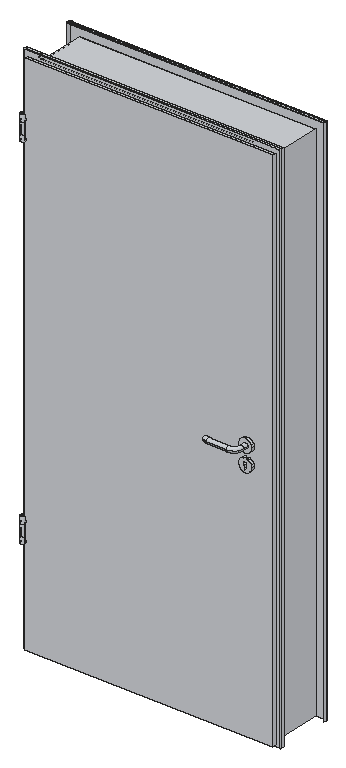
Revit family "BOS-Umfassungszarge-15ZBud_Familie", category Türen, Revit 2017 (continued)
Definition of nested family "BOS-Band-VX_Modell"
  Automatic sketch dimensions
    Extrusion 11 sketch curve to plane 1 = 1.171 mm
    Extrusion 11 sketch curve to Extrusion 11 sketch curve = 6.421 mm
    plane 1 to Extrusion 11 sketch curve = 7.193 mm
    Extrusion 11 sketch curve to Extrusion 11 sketch curve = 0.526 mm
    Extrusion 11 sketch curve to Extrusion 11 sketch curve = 0.553 mm
    Extrusion 11 sketch curve to plane 1 = 0.901 mm
    plane 1 to Extrusion 11 sketch curve = 10.603 mm
    Extrusion 11 sketch curve to Extrusion 11 sketch curve = 3.5 mm
    Extrusion 11 sketch curve to Extrusion 11 sketch curve = 0.158 mm
    Extrusion 11 sketch curve to Extrusion 11 sketch curve = 1.739 mm
    plane 1 to Extrusion 11 sketch curve = 4.695 mm
    Extrusion 12 sketch curve to Extrusion 12 sketch curve = 0 mm  (x6)
    curve 1 to Extrusion 12 sketch curve = 0 mm  (x2)
    curve 1 to Extrusion 12 sketch curve = 46.34 mm
    Extrusion 12 sketch curve to Extrusion 12 sketch curve = 3.031 mm  (x2)
    Extrusion 12 sketch curve to Extrusion 12 sketch curve = 5.75 mm
    Extrusion 12 sketch curve to Extrusion 12 sketch curve = 1.346 mm
    Extrusion 12 sketch curve to Extrusion 12 sketch curve = 0.548 mm
    Extrusion 12 sketch curve to Extrusion 12 sketch curve = 1.017 mm
    Extrusion 12 sketch curve to Extrusion 12 sketch curve = 3.25 mm
    Extrusion 12 sketch curve to Extrusion 12 sketch curve = 1.75 mm
    Extrusion 13 sketch curve to Extrusion 13 sketch curve = 0 mm  (x6)
    curve 1 to Extrusion 13 sketch curve = 0 mm  (x2)
    curve 1 to Extrusion 13 sketch curve = 46.34 mm
    Extrusion 13 sketch curve to Extrusion 13 sketch curve = 3.031 mm  (x2)
    Extrusion 13 sketch curve to Extrusion 13 sketch curve = 5.75 mm
    Extrusion 13 sketch curve to Extrusion 13 sketch curve = 1.346 mm
    Extrusion 13 sketch curve to Extrusion 13 sketch curve = 0.548 mm
    Extrusion 13 sketch curve to Extrusion 13 sketch curve = 1.017 mm
    Extrusion 13 sketch curve to Extrusion 13 sketch curve = 3.25 mm
    Extrusion 13 sketch curve to Extrusion 13 sketch curve = 1.75 mm
    radius of Sweep 1 sketch curve = 6.5 mm
Definition of nested family "BOS-BOS_Modell"
  Parameters (values of type "BOS-BOS_Modell")
    Abstand = 22 mm
  Reference planes
    plane 1 "Mitte (Vorne/hinten)": y = 0
    plane 2: z = 0
    plane 3 "Mitte (Links/rechts)": x = 0
    plane 4 "BOS": x = -22
  Dimensions and locks
    "Abstand": plane 4 "BOS" to plane 3 "Mitte (Links/rechts)"
    aligned and locked: level to plane 2
    aligned and locked: plane 1 "Mitte (Vorne/hinten)" to text3d elem
    aligned and locked: text3d elem to level
Definition of nested family "BOS-Druckfeste-Unterfütterung-bauseits_Detail"
  Parameters (values of type "BOS-Druckfeste-Unterfütterung-bauseits_Detail")
    Unterfütterungsstärke = 12 mm
    Unterfütterungabstand vorne = 30 mm
    Unterfütterungabstand hinten = 30 mm
    URL = "www.BestOfSteel.de"
    Rechtliche Hinweise = "www.BestOfSteel.de/tools-downloads/bim-building-information-modeling/"
    Putzwinkel vorne = 0 mm
    Putzwinkel hinten = 0 mm
    MW Maulweite = 200 mm
    BOS-Architekten-Beratung = "Tel.: +49 (0) 2572 203-203; E-Mail: architekten@BestOfSteel.de"
    Technische Infos rund um die Stahlzarge = "www.BestOfSteel.de/tools-downloads/technische-infos-rund-um-die-stahlzarge/"
    Manufacturer = "BOS GmbH Best Of Steel, Lütkenfelde 4, D-48282 Emsdetten"
    Description = "Druckfeste Unterfütterung (bauseits)"
    Keynote = "BOS Detail"
  Reference planes
    plane 1: y = 0
    plane 2: z = 0
    plane 3: x = 0
    plane 4: y = 200
    plane 5: x = 12
    plane 6: y = 0
    plane 7: y = 200
    plane 8: y = 170
    plane 9: y = 30
    plane 10: y = 100
  Lines and regions (mm)
    detail lines, in view "Ref.-Ebene"
      curve 1: line (0, 30, 0) -> (12, 30, 0)
      curve 2: line (12, 30, 0) -> (12, 170, 0)
      curve 3: line (12, 170, 0) -> (0, 170, 0)
      curve 4: line (0, 170, 0) -> (0, 30, 0)
      curve 5: line (0, 30, 0) -> (12, 170, 0)
      curve 6: line (12, 30, 0) -> (0, 170, 0)
  Dimensions and locks
    "MW Maulweite": plane 4 to plane 1
    "Putzwinkel vorne": plane 1 to plane 6
    "Putzwinkel hinten": plane 7 to plane 4
    "Unterfütterungabstand vorne": plane 9 to plane 6
    "Unterfütterungabstand hinten": plane 7 to plane 8
    "Unterfütterungsstärke": plane 3 to plane 5
    equal spacing: plane 4, plane 10, plane 1
  Automatic sketch dimensions
    curve 1 to plane 3 = 0 mm
    curve 6 to plane 5 = 0 mm
    curve 6 to plane 9 = 0 mm
    curve 3 to plane 8 = 0 mm
Definition of nested family "BOS-Nivellieranker_Detail"
  Parameters (values of type "BOS-Nivellieranker_Detail")
    Unterfütterungsstärke = 0 mm
    URL = "www.BestOfSteel.de"
    Stumpf-Gefälzt = if(Gefälzt, 28 mm, 46 mm)  # 28 mm
    Stumpf = no
    Schraubenabstand vorne = 17 mm
    Schraubenabstand hinten = 21 mm
    Rechtliche Hinweise = "www.BestOfSteel.de/tools-downloads/bim-building-information-modeling/"
    Putzwinkel vorne = 15 mm
    Nivellierankerlänge = if(GT Gesamttiefe > 119 mm, 80 mm + (Ankergröße * 25 mm), 87 mm)  # 205 mm
    MW Maulweite = 200 mm
    Manufacturer = "BOS GmbH Best Of Steel, Lütkenfelde 4, D-48282 Emsdetten"
    Gefälzt = yes
    GT Gesamttiefe = 230 mm
    Falzaufschlag gesamt = 15 mm
    Einfügepunkt = 22 mm
    Blechstärke = 1.5 mm
    Description = "Nivellieranker"
    Keynote = "BOS Detail"
    BOS-Architekten-Beratung = "Tel.: +49 (0) 2572 203-203; E-Mail: architekten@BestOfSteel.de\r\nTel.: +49 (0) 2572 203-203, Fax -209; E-Mail: architekten@BestOfSteel.de\r\nTel.: +49 (0) 2572 203-203, Fax -209; E-Mail: architekten@BestOfSteel.de"
    Ankergröße = rounddown((GT Gesamttiefe - 95 mm) / 25 mm)  # 5
    Technische Infos rund um die Stahlzarge = "www.BestOfSteel.de/tools-downloads/technische-infos-rund-um-die-stahlzarge/"
    Abstand vorne = 0 mm
    Abstand hinten = 0 mm
  Reference planes
    plane 1: z = 0
    plane 2: x = 0
    plane 3: x = 35.5
    plane 4: y = 193.247
    plane 5: y = 3.247
    plane 6: y = 16.747
    plane 7: y = 216.747
    plane 8: x = 20.5
    plane 9: y = 1.747
    plane 10: x = 37
    plane 11: x = 22
    plane 12: y = 48.247
    plane 13: y = 187.247
    plane 14: y = 208.247
    plane 15: y = 3.247
    plane 16: x = 8.5
    plane 17: y = 31.247
    plane 18: x = 2
    plane 19: y = 52.247
    plane 20: y = 44.247
    plane 21: y = 183.247
    plane 22: y = 191.247
    plane 23: x = 33.5
    plane 24: x = 0
    plane 25: y = 109.247
  Lines and regions (mm)
    detail lines, in view "Ref.-Ebene", not visible
      curve 1: arc (191, 231, 0) -> (192, 230, 0) -> (193, 231, 0) r 1
      curve 2: arc (193, 244, 0) -> (192, 245, 0) -> (191, 244, 0) r 1
      curve 3: line (193, 231, 0) -> (193, 244, 0)
      curve 4: line (191, 244, 0) -> (191, 231, 0)
      curve 11: line (234.876, 339.411, 0) -> (233.447, 342.424, 0)
      curve 12: line (233.447, 342.424, 0) -> (235.255, 343.281, 0)
      curve 13: line (235.255, 343.281, 0) -> (236.876, 339.862, 0)
      curve 14: line (236.876, 327.281, 0) -> (238.976, 327.281, 0)
      curve 15: line (238.976, 327.281, 0) -> (238.976, 328.281, 0)
      curve 16: line (236.876, 343.285, 0) -> (236.876, 327.281, 0)
    reference lines, in view "Ref.-Ebene", not visible
      curve 5: line (187.644, 237.5, 0) -> (197.644, 237.5, 0)
      curve 30: line (234.876, 339.411, 0) -> (234.876, 327.411, 0)
      curve 31: line (236.876, 343.285, 0) -> (241.876, 343.285, 0)
    detail lines, in view "Ref.-Ebene"
      curve 6: arc (0, 180.747, 0) -> (1, 179.747, 0) -> (2, 180.747, 0) r 1
      curve 7: arc (2, 193.747, 0) -> (1, 194.747, 0) -> (0, 193.747, 0) r 1
      curve 8: line (2, 180.747, 0) -> (2, 193.747, 0)
      curve 9: line (0, 193.747, 0) -> (0, 180.747, 0)
      curve 17: arc (0, 41.747, 0) -> (1, 40.747, 0) -> (2, 41.747, 0) r 1
      curve 18: arc (2, 54.747, 0) -> (1, 55.747, 0) -> (0, 54.747, 0) r 1
      curve 19: line (2, 41.747, 0) -> (2, 54.747, 0)
      curve 20: line (0, 54.747, 0) -> (0, 41.747, 0)
      curve 22: line (8.5, 204.373, 0) -> (7.072, 207.386, 0)
      curve 23: line (7.072, 207.386, 0) -> (8.879, 208.243, 0)
      curve 24: line (8.879, 208.243, 0) -> (10.5, 204.823, 0)
      curve 25: line (10.5, 192.243, 0) -> (12.6, 192.243, 0)
      curve 26: line (12.6, 192.243, 0) -> (12.6, 193.243, 0)
      curve 27: line (10.5, 208.247, 0) -> (10.5, 192.243, 0)
      curve 32: line (2, 191.247, 0) -> (8.5, 191.247, 0)
      curve 33: line (2, 183.247, 0) -> (8.5, 183.247, 0)
      curve 34: line (8.5, 52.247, 0) -> (2, 52.247, 0)
      curve 35: line (2, 44.247, 0) -> (8.5, 44.247, 0)
      curve 36: arc (18.158, 31.008, 0) -> (17.681, 31.374, 0) -> (17.5, 31.947, 0) r 1
      curve 37: arc (17.474, 29.128, 0) -> (16.043, 30.227, 0) -> (15.5, 31.947, 0) r 3
      curve 38: arc (18.526, 30.874, 0) -> (19.957, 29.775, 0) -> (20.5, 28.055, 0) r 3
      curve 39: arc (17.842, 28.994, 0) -> (18.319, 28.628, 0) -> (18.5, 28.055, 0) r 1
      curve 40: line (17.5, 31.947, 0) -> (17.5, 193.247, 0)
      curve 41: line (20.5, 28.055, 0) -> (20.5, 5.247, 0)
      curve 42: line (20.5, 5.247, 0) -> (10.5, 5.247, 0)
      curve 43: line (10.5, 5.247, 0) -> (10.5, 3.247, 0)
      curve 44: line (10.5, 3.247, 0) -> (8.5, 3.247, 0)
      curve 45: line (8.5, 3.247, 0) -> (8.5, 204.377, 0)
      curve 46: line (15.5, 193.247, 0) -> (15.5, 31.947, 0)
      curve 47: line (18.5, 5.247, 0) -> (18.5, 28.055, 0)
      curve 48: line (18.526, 30.874, 0) -> (18.158, 31.008, 0)
      curve 49: line (17.842, 28.994, 0) -> (17.474, 29.128, 0)
      curve 50: line (10.5, 208.247, 0) -> (35.5, 208.247, 0)
      curve 51: line (35.5, 193.247, 0) -> (10.5, 193.247, 0)
      curve 52: line (35.5, 208.247, 0) -> (35.5, 193.247, 0)
      curve 53: line (33.5, 193.247, 0) -> (33.5, 208.247, 0)
    reference lines, in view "Ref.-Ebene"
      curve 10: line (-3.356, 187.247, 0) -> (6.644, 187.247, 0)
      curve 21: line (-3.356, 48.247, 0) -> (6.644, 48.247, 0)
      curve 28: line (8.5, 204.373, 0) -> (8.5, 192.373, 0)
      curve 29: line (10.5, 208.247, 0) -> (15.5, 208.247, 0)
  Dimensions and locks
    "Blechstärke": plane 5 to plane 9
    "Putzwinkel vorne": plane 6 to plane 9
    "Blechstärke": plane 8 to plane 11
    "Einfügepunkt": plane 2 to plane 11
    "Blechstärke": plane 3 to plane 10
    "Falzaufschlag gesamt": plane 11 to plane 10
    locked: plane 4 to plane 14 at 15
    "Abstand vorne": plane 15 to plane 5
    plane 16 to plane 8 = 12 mm
    "Stumpf-Gefälzt": plane 17 to plane 15
    plane 19 to plane 20 = 8 mm
    locked: plane 21 to plane 22 at 8
    equal spacing: plane 19, plane 12, plane 20
    equal spacing: plane 21, plane 13, plane 22
    plane 23 to plane 3 = 2 mm
    "Schraubenabstand hinten": plane 14 to plane 13
    "Nivellierankerlänge": plane 14 to plane 15
    "Schraubenabstand vorne": plane 12 to plane 17
    plane 24 to plane 18 = 2 mm
    "Unterfütterungsstärke": plane 2 to plane 24
    equal spacing: plane 9, plane 25, plane 7
    "MW Maulweite": plane 6 to plane 7
    aligned and locked: curve 21 to plane 12
    aligned and locked: curve 10 to plane 13
    aligned and locked: plane 16 to curve 28
    aligned and locked: curve 29 to plane 14
    aligned and locked: plane 24 to curve 20
    aligned and locked: plane 24 to curve 9
  Automatic sketch dimensions
    curve 1 to curve 1 = 1 mm
    curve 1 to curve 3 = 13 mm
    curve 5 to curve 5 = 10 mm
    curve 6 to curve 6 = 1 mm
    curve 6 to curve 8 = 13 mm
    curve 10 to curve 10 = 10 mm
    curve 17 to curve 17 = 1 mm
    curve 17 to curve 19 = 13 mm
    curve 21 to curve 21 = 10 mm
    curve 22 to curve 23 = 1.807 mm
    curve 22 to curve 27 = 3.428 mm
    curve 25 to curve 26 = 2.1 mm
    curve 25 to curve 23 = 15.143 mm
    curve 22 to curve 23 = 0.857 mm
    curve 22 to curve 24 = 2 mm
    curve 25 to curve 26 = 1 mm
    curve 23 to curve 27 = 0.004 mm
    curve 11 to curve 12 = 1.807 mm
    curve 11 to curve 16 = 3.428 mm
    curve 14 to curve 15 = 2.1 mm
    curve 14 to curve 12 = 15.143 mm
    curve 11 to curve 12 = 0.857 mm
    curve 11 to curve 13 = 2 mm
    curve 14 to curve 15 = 1 mm
    curve 12 to curve 16 = 0.004 mm
    curve 28 to curve 29 = 2 mm
    curve 29 to curve 29 = 5 mm
    curve 28 to curve 28 = 12 mm
    curve 28 to curve 29 = 3.874 mm
    curve 30 to curve 31 = 2 mm
    curve 31 to curve 31 = 5 mm
    curve 30 to curve 30 = 12 mm
    curve 30 to curve 31 = 3.874 mm
    curve 35 to plane 18 = 0 mm
    curve 34 to plane 18 = 0 mm
    curve 33 to plane 18 = 0 mm
    curve 32 to plane 18 = 0 mm
    curve 33 to plane 16 = 0 mm
    curve 35 to plane 20 = 0 mm
    curve 34 to plane 19 = 0 mm
    curve 33 to plane 21 = 0 mm
    plane 22 to curve 32 = 0 mm
    curve 36 to curve 37 = 0 mm  (x2)
    curve 38 to curve 39 = 0 mm  (x2)
    curve 43 to plane 15 = 0 mm
    curve 40 to plane 4 = 0 mm
    curve 38 to plane 8 = 0 mm
    curve 53 to plane 23 = 0 mm
    curve 51 to plane 3 = 0 mm
    curve 53 to plane 14 = 0 mm
    plane 8 to curve 39 = 3 mm
    plane 17 to curve 36 = 0.7 mm
    plane 8 to curve 36 = 2 mm
    curve 39 to plane 17 = 3.193 mm
    curve 50 to plane 16 = 2 mm
    curve 44 to curve 44 = 2 mm
    curve 51 to plane 16 = 2 mm
    curve 51 to curve 46 = 5 mm
    curve 49 to curve 38 = 0.026 mm
    curve 46 to curve 40 = 2 mm
    curve 49 to curve 39 = 0.368 mm
    curve 48 to plane 17 = 0.239 mm
    plane 8 to curve 47 = 2 mm
    curve 38 to plane 17 = 0.373 mm
    plane 15 to curve 42 = 2 mm
    curve 45 to plane 14 = 3.87 mm
Definition of nested family "BOS-Trapezanker_Detail"
  Parameters (values of type "BOS-Trapezanker_Detail")
    wk-Zarge = no
    Vorsprung = if([wk-Zarge], 2 * Blechstärke, 0 mm)  # 0 mm
    Radius innen = 1 mm
    Putzwinkel hinten = 15 mm
    Führungsanker wk-Einfachfalz = and([wk-Zarge], Einfachfalz)  # no
    Führungsanker wk-Doppelfalz = and([wk-Zarge], Doppelfalz)  # no
    Führungsanker Einfachfalz = and(not([wk-Zarge]), Einfachfalz)  # yes
    Führungsanker Doppelfalz = and(not([wk-Zarge]), Doppelfalz)  # no
    Ankerstärke = 10 mm
    Ankerabstand vorne = 0 mm
    GT Gesamttiefe = 230 mm
    Falzaufschlag gesamt = 15 mm
    Einfügepunkt = 29 mm
    Einfachfalz = yes
    Rechtliche Hinweise = "www.BestOfSteel.de/tools-downloads/bim-building-information-modeling/"
    Putzwinkel vorne = 15 mm
    Doppelfalz = no
    URL = "www.BestOfSteel.de"
    Manufacturer = "BOS GmbH Best Of Steel, Lütkenfelde 4, D-48282 Emsdetten"
    Blechstärke = 1.5 mm
    Description = "Trapezanker"
    Keynote = "BOS Detail"
    BOS-Architekten-Beratung = "Tel.: +49 (0) 2572 203-203; E-Mail: architekten@BestOfSteel.de"
    Ankerlänge = GT Gesamttiefe - Ankerabstand vorne - 2 * Blechstärke - 15 mm  # 212 mm
    Technische Infos rund um die Stahlzarge = "www.BestOfSteel.de/tools-downloads/technische-infos-rund-um-die-stahlzarge/\r\nwww.BestOfSteel.de/tools-downloads/technische-infos-rund-um-die-stahlzarge/\r\nwww.BestOfSteel.de/tools-downloads/technische-infos-rund-um-die-stahlzarge/"
  Reference planes
    plane 1: y = 10
    plane 2: z = 0
    plane 3: y = 223
    plane 4: y = 11
    plane 5: x = -42.5
    plane 6: y = 23.5
    plane 7: y = 8.5
    plane 8: x = -15
    plane 9: x = -25
    plane 10: y = 237
    plane 11: y = 238.5
    plane 12: x = 0
    plane 13: x = 1.5
    plane 14: x = -13.5
    plane 15: y = 123.5
    plane 16: y = 223.5
    plane 17: y = 11
    plane 18: x = 1.5
  Lines and regions (mm)
    detail lines, in view "Ref.-Ebene"
      curve 1: line (-16.5, 11, 0) -> (-16.5, 223, 0)
      curve 2: line (-23.5, 11, 0) -> (-23.5, 223, 0)
      curve 3: line (-15, 11, 0) -> (-15, 223, 0)
      curve 4: line (-25, 11, 0) -> (-15, 11, 0)
      curve 5: line (-15, 223, 0) -> (-25, 223, 0)
      curve 6: line (-25, 11, 0) -> (-25, 223, 0)
    detail lines, in view "Ref.-Ebene", visible <- "Führungsanker Einfachfalz"
      curve 7: arc (-2, 195.213, 0) -> (-2.073, 195.588, 0) -> (-2.281, 195.909, 0) r 1
      curve 8: arc (-12, 229.5, 0) -> (-19.5, 237, 0) -> (-27, 229.5, 0) r 7.5
      curve 9: arc (-14, 229.5, 0) -> (-19.5, 235, 0) -> (-25, 229.5, 0) r 5.5
      curve 10: arc (-14, 214.44, 0) -> (-13.301, 209.615, 0) -> (-11.261, 205.187, 0) r 17
      curve 11: arc (-12, 214.44, 0) -> (-11.383, 210.183, 0) -> (-9.584, 206.276, 0) r 15
      curve 12: line (-25, 212, 0) -> (-27, 212, 0)
      curve 13: line (-27, 212, 0) -> (-27, 229.5, 0)
      curve 14: line (0, 173, 0) -> (-2, 173, 0)
      curve 15: line (-2, 173, 0) -> (-2, 195.213, 0)
      curve 16: line (-12, 229.5, 0) -> (-12, 214.44, 0)
      curve 17: line (-14, 229.5, 0) -> (-14, 214.44, 0)
      curve 18: line (-0.844, 197.246, 0) -> (-9.584, 206.276, 0)
      curve 19: line (-2.281, 195.909, 0) -> (-11.261, 205.187, 0)
      curve 20: arc (0, 195.16, 0) -> (-0.219, 196.285, 0) -> (-0.844, 197.246, 0) r 3
      curve 21: line (0, 173, 0) -> (0, 195.16, 0)
      curve 22: line (-25, 212, 0) -> (-25, 229.5, 0)
    detail lines, in view "Ref.-Ebene", visible <- "Führungsanker Einfachfalz", not visible
      curve 23: arc (127.112, 256.588, 0) -> (127.039, 256.963, 0) -> (126.831, 257.284, 0) r 1
      curve 24: arc (117.112, 290.875, 0) -> (109.612, 298.375, 0) -> (102.112, 290.875, 0) r 7.5
      curve 25: arc (115.112, 290.875, 0) -> (109.612, 296.375, 0) -> (104.112, 290.875, 0) r 5.5
      curve 26: arc (115.112, 275.815, 0) -> (115.811, 270.99, 0) -> (117.851, 266.562, 0) r 17
      curve 27: arc (117.112, 275.815, 0) -> (117.729, 271.558, 0) -> (119.528, 267.651, 0) r 15
      curve 28: line (104.112, 273.375, 0) -> (102.112, 273.375, 0)
      curve 29: line (102.112, 273.375, 0) -> (102.112, 290.875, 0)
      curve 30: line (129.112, 234.375, 0) -> (127.112, 234.375, 0)
      curve 31: line (127.112, 234.375, 0) -> (127.112, 256.588, 0)
      curve 32: line (117.112, 290.875, 0) -> (117.112, 275.815, 0)
      curve 33: line (115.112, 290.875, 0) -> (115.112, 275.815, 0)
      curve 34: line (128.268, 258.621, 0) -> (119.528, 267.651, 0)
      curve 35: line (126.831, 257.284, 0) -> (117.851, 266.562, 0)
      curve 36: arc (129.112, 256.535, 0) -> (128.893, 257.66, 0) -> (128.268, 258.621, 0) r 3
      curve 37: line (129.112, 234.375, 0) -> (129.112, 256.535, 0)
      curve 38: line (104.112, 273.375, 0) -> (104.112, 290.875, 0)
    detail lines, in view "Ref.-Ebene", visible <- "Führungsanker Doppelfalz"
      curve 39: arc (13, 195.061, 0) -> (12.819, 195.634, 0) -> (12.342, 196, 0) r 1
      curve 40: arc (-12, 217.443, 0) -> (-9.581, 209.276, 0) -> (-3.105, 203.742, 0) r 15
      curve 41: arc (-14, 217.443, 0) -> (-11.259, 208.187, 0) -> (-3.92, 201.915, 0) r 17
      curve 42: arc (-12, 229.5, 0) -> (-19.5, 237, 0) -> (-27, 229.5, 0) r 7.5
      curve 43: arc (-14, 229.5, 0) -> (-19.5, 235, 0) -> (-25, 229.5, 0) r 5.5
      curve 44: line (-27, 229.5, 0) -> (-27, 212, 0)
      curve 45: line (-27, 212, 0) -> (-25, 212, 0)
      curve 46: line (15, 174.157, 0) -> (13, 174.157, 0)
      curve 47: line (13, 174.157, 0) -> (13, 195.061, 0)
      curve 48: line (-12, 229.5, 0) -> (-12, 217.443, 0)
      curve 49: line (-14, 229.5, 0) -> (-14, 217.443, 0)
      curve 50: line (12.342, 196, 0) -> (-3.92, 201.915, 0)
      curve 51: line (13.025, 197.875, 0) -> (-3.105, 203.742, 0)
      curve 52: arc (15, 195.055, 0) -> (14.457, 196.776, 0) -> (13.025, 197.875, 0) r 3
      curve 53: line (15, 174.157, 0) -> (15, 195.055, 0)
      curve 54: line (-25, 229.5, 0) -> (-25, 212, 0)
    detail lines, in view "Ref.-Ebene", visible <- "Führungsanker Doppelfalz", not visible
      curve 55: arc (244.535, 325.598, 0) -> (244.354, 326.172, 0) -> (243.877, 326.538, 0) r 1
      curve 56: arc (219.535, 347.981, 0) -> (221.953, 339.814, 0) -> (228.429, 334.28, 0) r 15
      curve 57: arc (217.535, 347.981, 0) -> (220.276, 338.725, 0) -> (227.615, 332.453, 0) r 17
      curve 58: arc (219.535, 360.038, 0) -> (212.035, 367.538, 0) -> (204.535, 360.038, 0) r 7.5
      curve 59: arc (217.535, 360.038, 0) -> (212.035, 365.538, 0) -> (206.535, 360.038, 0) r 5.5
      curve 60: line (204.535, 360.038, 0) -> (204.535, 342.538, 0)
      curve 61: line (204.535, 342.538, 0) -> (206.535, 342.538, 0)
      curve 62: line (246.535, 304.694, 0) -> (244.535, 304.694, 0)
      curve 63: line (244.535, 304.694, 0) -> (244.535, 325.598, 0)
      curve 64: line (219.535, 360.038, 0) -> (219.535, 347.981, 0)
      curve 65: line (217.535, 360.038, 0) -> (217.535, 347.981, 0)
      curve 66: line (243.877, 326.538, 0) -> (227.615, 332.453, 0)
      curve 67: line (244.56, 328.413, 0) -> (228.429, 334.28, 0)
      curve 68: arc (246.535, 325.593, 0) -> (245.992, 327.314, 0) -> (244.56, 328.413, 0) r 3
      curve 69: line (246.535, 304.694, 0) -> (246.535, 325.593, 0)
      curve 70: line (206.535, 360.038, 0) -> (206.535, 342.538, 0)
    reference lines, in view "Ref.-Ebene"
      curve 71: line (-7.209, 237, 0) -> (-30.5, 237, 0)
      curve 73: line (-7.209, 237, 0) -> (-30.5, 237, 0)
      curve 89: line (-7.209, 237, 0) -> (-30.5, 237, 0)
      curve 123: line (-7.209, 237, 0) -> (-30.5, 237, 0)
    reference lines, in view "Ref.-Ebene", not visible
      curve 72: line (121.903, 298.375, 0) -> (98.612, 298.375, 0)
      curve 74: line (224.325, 367.538, 0) -> (201.035, 367.538, 0)
      curve 106: line (121.903, 298.375, 0) -> (98.612, 298.375, 0)
      curve 140: line (224.325, 367.538, 0) -> (201.035, 367.538, 0)
    detail lines, in view "Ref.-Ebene", visible <- "Führungsanker wk-Einfachfalz"
      curve 75: arc (-5, 195.213, 0) -> (-5.041, 195.497, 0) -> (-5.161, 195.757, 0) r 1
      curve 76: arc (-12, 229.5, 0) -> (-19.5, 237, 0) -> (-27, 229.5, 0) r 7.5
      curve 77: arc (-14, 229.5, 0) -> (-19.5, 235, 0) -> (-25, 229.5, 0) r 5.5
      curve 78: arc (-14, 214.44, 0) -> (-13.301, 209.615, 0) -> (-11.261, 205.187, 0) r 17
      curve 79: arc (-12, 214.44, 0) -> (-11.383, 210.183, 0) -> (-9.584, 206.276, 0) r 15
      curve 80: line (-25, 212, 0) -> (-27, 212, 0)
      curve 81: line (-27, 212, 0) -> (-27, 229.5, 0)
      curve 82: line (-3, 173, 0) -> (-5, 173, 0)
      curve 83: line (-5, 173, 0) -> (-5, 195.213, 0)
      curve 84: line (-12, 229.5, 0) -> (-12, 214.44, 0)
      curve 85: line (-14, 229.5, 0) -> (-14, 214.44, 0)
      curve 86: arc (-3, 195.16, 0) -> (-3.123, 196.011, 0) -> (-3.483, 196.792, 0) r 3
      curve 87: line (-3, 173, 0) -> (-3, 195.16, 0)
      curve 88: line (-25, 212, 0) -> (-25, 229.5, 0)
      curve 90: line (-9.584, 206.276, 0) -> (-3.447, 196.816, 0)
      curve 91: line (-11.261, 205.187, 0) -> (-5.149, 195.765, 0)
    detail lines, in view "Ref.-Ebene", visible <- "Führungsanker wk-Einfachfalz", not visible
      curve 92: arc (124.112, 256.588, 0) -> (124.071, 256.872, 0) -> (123.951, 257.133, 0) r 1
      curve 93: arc (117.112, 290.875, 0) -> (109.612, 298.375, 0) -> (102.112, 290.875, 0) r 7.5
      curve 94: arc (115.112, 290.875, 0) -> (109.612, 296.375, 0) -> (104.112, 290.875, 0) r 5.5
      curve 95: arc (115.112, 275.815, 0) -> (115.811, 270.99, 0) -> (117.851, 266.562, 0) r 17
      curve 96: arc (117.112, 275.815, 0) -> (117.729, 271.558, 0) -> (119.528, 267.651, 0) r 15
      curve 97: line (104.112, 273.375, 0) -> (102.112, 273.375, 0)
      curve 98: line (102.112, 273.375, 0) -> (102.112, 290.875, 0)
      curve 99: line (126.112, 234.375, 0) -> (124.112, 234.375, 0)
      curve 100: line (124.112, 234.375, 0) -> (124.112, 256.588, 0)
      curve 101: line (117.112, 290.875, 0) -> (117.112, 275.815, 0)
      curve 102: line (115.112, 290.875, 0) -> (115.112, 275.815, 0)
      curve 103: arc (126.112, 256.535, 0) -> (125.989, 257.386, 0) -> (125.629, 258.167, 0) r 3
      curve 104: line (126.112, 234.375, 0) -> (126.112, 256.535, 0)
      curve 105: line (104.112, 273.375, 0) -> (104.112, 290.875, 0)
      curve 107: line (119.528, 267.651, 0) -> (125.666, 258.191, 0)
      curve 108: line (117.851, 266.562, 0) -> (123.963, 257.14, 0)
    detail lines, in view "Ref.-Ebene", visible <- "Führungsanker wk-Doppelfalz"
      curve 109: arc (10, 195.061, 0) -> (9.839, 195.605, 0) -> (9.407, 195.974, 0) r 1
      curve 110: arc (-12, 217.443, 0) -> (-9.586, 209.282, 0) -> (-3.119, 203.748, 0) r 15
      curve 111: arc (-14, 217.443, 0) -> (-11.26, 208.188, 0) -> (-3.922, 201.916, 0) r 17
      curve 112: arc (-12, 229.5, 0) -> (-19.5, 237, 0) -> (-27, 229.5, 0) r 7.5
      curve 113: arc (-14, 229.5, 0) -> (-19.5, 235, 0) -> (-25, 229.5, 0) r 5.5
      curve 114: line (-27, 229.5, 0) -> (-27, 212, 0)
      curve 115: line (-27, 212, 0) -> (-25, 212, 0)
      curve 116: line (12, 174.157, 0) -> (10, 174.157, 0)
      curve 117: line (10, 174.157, 0) -> (10, 195.061, 0)
      curve 118: line (-12, 229.5, 0) -> (-12, 217.443, 0)
      curve 119: line (-14, 229.5, 0) -> (-14, 217.443, 0)
      curve 120: arc (12, 195.055, 0) -> (11.457, 196.776, 0) -> (10.025, 197.875, 0) r 3
      curve 121: line (12, 174.157, 0) -> (12, 195.055, 0)
      curve 122: line (-25, 229.5, 0) -> (-25, 212, 0)
      curve 124: line (10.025, 197.875, 0) -> (-3.119, 203.748, 0)
      curve 125: line (-3.922, 201.916, 0) -> (9.407, 195.974, 0)
    detail lines, in view "Ref.-Ebene", visible <- "Führungsanker wk-Doppelfalz", not visible
      curve 126: arc (241.535, 325.598, 0) -> (241.374, 326.143, 0) -> (240.942, 326.512, 0) r 1
      curve 127: arc (219.535, 347.981, 0) -> (221.949, 339.82, 0) -> (228.415, 334.286, 0) r 15
      curve 128: arc (217.535, 347.981, 0) -> (220.275, 338.726, 0) -> (227.613, 332.454, 0) r 17
      curve 129: arc (219.535, 360.038, 0) -> (212.035, 367.538, 0) -> (204.535, 360.038, 0) r 7.5
      curve 130: arc (217.535, 360.038, 0) -> (212.035, 365.538, 0) -> (206.535, 360.038, 0) r 5.5
      curve 131: line (204.535, 360.038, 0) -> (204.535, 342.538, 0)
      curve 132: line (204.535, 342.538, 0) -> (206.535, 342.538, 0)
      curve 133: line (243.535, 304.694, 0) -> (241.535, 304.694, 0)
      curve 134: line (241.535, 304.694, 0) -> (241.535, 325.598, 0)
      curve 135: line (219.535, 360.038, 0) -> (219.535, 347.981, 0)
      curve 136: line (217.535, 360.038, 0) -> (217.535, 347.981, 0)
      curve 137: arc (243.535, 325.593, 0) -> (242.992, 327.314, 0) -> (241.56, 328.413, 0) r 3
      curve 138: line (243.535, 304.694, 0) -> (243.535, 325.593, 0)
      curve 139: line (206.535, 360.038, 0) -> (206.535, 342.538, 0)
      curve 141: line (241.56, 328.413, 0) -> (228.415, 334.286, 0)
      curve 142: line (227.613, 332.454, 0) -> (240.942, 326.512, 0)
  Dimensions and locks
    "Ankerabstand vorne": plane 17 to plane 4
    "Blechstärke": plane 7 to plane 1
    "Putzwinkel vorne": plane 6 to plane 7
    "Ankerlänge": plane 3 to plane 4
    "Ankerstärke": plane 9 to plane 8
    "Blechstärke": plane 11 to plane 10
    "GT Gesamttiefe": plane 11 to plane 7
    "Blechstärke": plane 12 to plane 13
    "Einfügepunkt": plane 5 to plane 14
    "Blechstärke": plane 8 to plane 14
    equal spacing: plane 11, plane 15, plane 7
    "Radius innen": plane 1 to plane 17
    "Putzwinkel hinten": plane 11 to plane 16
    "Vorsprung": plane 13 to plane 18
    "Falzaufschlag gesamt": plane 14 to plane 18
    aligned and locked: curve 71 to plane 10
    aligned and locked: curve 73 to plane 10
    aligned and locked: curve 22 to plane 9
    aligned and locked: plane 9 to curve 54
    aligned and locked: curve 89 to plane 10
    aligned and locked: curve 123 to plane 10
    aligned and locked: curve 88 to plane 9
    aligned and locked: plane 9 to curve 122
  Automatic sketch dimensions
    curve 6 to plane 3 = 0 mm
    curve 6 to plane 9 = 0 mm
    curve 3 to plane 8 = 0 mm
    curve 6 to plane 4 = 0 mm
    curve 4 to curve 2 = 1.5 mm
    plane 8 to curve 1 = 1.5 mm
    curve 73 to curve 73 = 23.291 mm
    curve 74 to curve 74 = 23.291 mm
    curve 71 to curve 71 = 23.291 mm
    curve 72 to curve 72 = 23.291 mm
    curve 89 to curve 89 = 23.291 mm
    curve 78 to curve 79 = 0 mm  (x4)
    curve 80 to curve 88 = 2 mm
    curve 77 to curve 76 = 5.5 mm
    curve 84 to curve 91 = 0.739 mm
    curve 78 to curve 90 = 1.678 mm
    curve 78 to curve 86 = 5.261 mm
    curve 75 to curve 86 = 0 mm
    curve 75 to curve 83 = 1 mm
    curve 82 to curve 87 = 2 mm
    curve 79 to curve 79 = 15 mm
    curve 82 to curve 87 = 22.16 mm
    curve 86 to curve 75 = 0.054 mm
    curve 86 to curve 90 = 1.657 mm
    curve 90 to curve 91 = 8.371 mm
    curve 80 to curve 85 = 2.44 mm
    curve 85 to curve 76 = 15.06 mm
    curve 75 to curve 75 = 0.161 mm
    curve 75 to curve 91 = 0.012 mm
    curve 86 to curve 90 = 0.037 mm
    curve 75 to curve 91 = 0.008 mm
    curve 91 to curve 90 = 1.702 mm
    curve 76 to curve 77 = 0 mm  (x4)
    curve 106 to curve 106 = 23.291 mm
    curve 95 to curve 96 = 0 mm  (x4)
    curve 97 to curve 105 = 2 mm
    curve 94 to curve 93 = 5.5 mm
    curve 101 to curve 108 = 0.739 mm
    curve 95 to curve 107 = 1.678 mm
    curve 95 to curve 103 = 5.261 mm
    curve 92 to curve 103 = 0 mm
    curve 92 to curve 100 = 1 mm
    curve 99 to curve 104 = 2 mm
    curve 96 to curve 96 = 15 mm
    curve 99 to curve 104 = 22.16 mm
    curve 103 to curve 92 = 0.054 mm
    curve 103 to curve 107 = 1.657 mm
    curve 107 to curve 108 = 8.371 mm
    curve 97 to curve 102 = 2.44 mm
    curve 102 to curve 93 = 15.06 mm
    curve 92 to curve 92 = 0.161 mm
    curve 92 to curve 108 = 0.012 mm
    curve 103 to curve 107 = 0.037 mm
    curve 92 to curve 108 = 0.008 mm
    curve 108 to curve 107 = 1.702 mm
    curve 93 to curve 94 = 0 mm  (x4)
    curve 123 to curve 123 = 23.291 mm
    curve 110 to curve 111 = 0 mm  (x4)
    curve 112 to curve 113 = 0 mm  (x4)
    curve 114 to curve 122 = 2 mm
    curve 113 to curve 113 = 5.5 mm
    curve 118 to curve 124 = 8.881 mm
    curve 124 to curve 111 = 6.119 mm
    curve 110 to curve 109 = 12.119 mm
    curve 120 to curve 109 = 0 mm
    curve 120 to curve 117 = 1 mm
    curve 117 to curve 124 = 0.025 mm
    curve 116 to curve 121 = 2 mm
    curve 116 to curve 120 = 20.899 mm
    curve 120 to curve 117 = 0.005 mm
    curve 120 to curve 124 = 5.874 mm
    curve 115 to curve 111 = 5.443 mm
    curve 119 to curve 119 = 12.057 mm
    curve 125 to curve 110 = 0.803 mm
    curve 109 to curve 109 = 0.407 mm
    curve 140 to curve 140 = 23.291 mm
    curve 127 to curve 128 = 0 mm  (x4)
    curve 129 to curve 130 = 0 mm  (x4)
    curve 131 to curve 139 = 2 mm
    curve 130 to curve 130 = 5.5 mm
    curve 135 to curve 141 = 8.881 mm
    curve 141 to curve 128 = 6.119 mm
    curve 127 to curve 126 = 12.119 mm
    curve 137 to curve 126 = 0 mm
    curve 137 to curve 134 = 1 mm
    curve 134 to curve 141 = 0.025 mm
    curve 133 to curve 138 = 2 mm
    curve 133 to curve 137 = 20.899 mm
    curve 137 to curve 134 = 0.005 mm
    curve 137 to curve 141 = 5.874 mm
    curve 132 to curve 128 = 5.443 mm
    curve 136 to curve 136 = 12.057 mm
    curve 142 to curve 127 = 0.803 mm
    curve 126 to curve 126 = 0.407 mm
Definition of nested family "BOS-Info-Texte_Beschriftung"
  Parameters (values of type "Drehpunkt Warnung")
    Unten = no
    Schwarz = yes
    Rot = no
    Oben = yes
    Info-Text En unten = "Kein Text"
    Info-Text De unten = "Kein Text"
    Info-Text En oben = "Die Lage des Drehpunktes des Türblattes ist ungenau!\r\nBitte mit dem Bandhersteller abstimmen."
    Englisch unten rot = and(and(Unten, Englisch), Rot)  # no
    Englisch unten schwarz = and(and(Unten, Englisch), Schwarz)  # no
    Englisch oben rot = and(and(Oben, Englisch), Rot)  # no
    Englisch oben schwarz = and(and(Oben, Englisch), Schwarz)  # no
    Info-Text De oben = "Der tatsächliche Drehpunkt des Türblattes\r\nkann von der Darstellung abweichen!"
    Warndreieck = no
    Fehlerkreis = no
    Englisch = no
    Deutsch unten rot = and(and(Unten, Deutsch), Rot)  # no
    Deutsch unten schwarz = and(and(Unten, Deutsch), Schwarz)  # no
    Deutsch oben rot = and(and(Oben, Deutsch), Rot)  # no
    Deutsch oben schwarz = and(and(Oben, Deutsch), Schwarz)  # yes
    Deutsch = not(Englisch)  # yes
    Ausrufezeichen = "!"
  Types (12, lengths in mm): name | Unten | Schwarz | Rot | Oben | Info-Text En unten | Info-Text De unten | Info-Text En oben | Info-Text De oben | Warndreieck | Fehlerkreis | Deutsch unten schwarz | Deutsch oben rot | Deutsch oben schwarz
    Rechtliche Hinweise | no | yes | no | yes | "Kein Text" | "Kein Text" | "In accordance with the protection note according to DIN 34, the ownership and copyrights are reserved!\r\n© 2016 BOS GmbH, Emsdetten, Germany -\r\nObserve the ISO 16016 protective label (see ID data)!\r\n\r\nSubject to technical change!" | "Entsprechend dem Schutzvermerk nach DIN 34 behalten wir uns Eigentum und Urheberrecht vor!\r\n© 2016 BOS GmbH, Emsdetten, Deutschland -\r\nSchutzvermerk ISO 16016 beachten (siehe ID-Daten)!\r\n\r\nTechnische Änderungen vorbehalten!" | no | no | no | no | yes
    Maulweite Fehlermeldung | no | yes | no | yes | "Kein Text" | "Kein Text" | "Check the wall thickness!" | "Wandstärke prüfen!" | no | yes | no | no | yes
    Verstellbereich | no | yes | no | yes | "Kein Text" | "Kein Text" | "Adjustment area from -5 to +15mm,\r\nother adjustment areas possible" | "Verstellbereich von -5 bis +15mm\r\nanderer Verstellbereich möglich" | no | no | no | no | yes
    Verstellbereich wSvdW | no | yes | no | yes | "Kein Text" | "Kein Text" | "Adjustment area in the soffit from -2 to +15mm,\r\nother adjustment areas possible" | "Verstellbereich in der Zargenleibung von -2 bis +15mm\r\nanderer Verstellbereich möglich" | no | no | no | no | yes
    Wandartauswahl 15Nz15Z | no | yes | no | yes | "Kein Text" | "Kein Text" | "Attention for stud walls: underlay from site required!\r\nFor DIN door leaves, select larger structural wall measurements.\r\nFor selection \"stud walls\":\r\nsee 'Features' (remove tick for brick walls)" | "Achtung bei Ständerwerk: bauseitige Unterfütterung erforderlich!\r\nBei DIN-Türblatt Rohbaumaße größer wählen.\r\nFür Auswahl \"Ständerwerk\": \r\nsiehe 'Eigenschaften' (Häkchen entfernen bei Mauerwerk)." | no | no | no | no | yes
    Technische Hinweise | no | yes | no | yes | "Kein Text" | "Kein Text" | "Due to manufacturing reasons this Revit family may not be changed\r\nwithout consulting BOS!\r\n\r\nDo not mirror frames (door list)!\r\nsee ‘Features’: DIN left / DIN right\r\n\r\nThe solid and stud walls or, for example, their profiles,\r\nmust be designed so that they can reliably and sustainably\r\nabsorb the static and dynamic forces resulting\r\nfrom the load on the door element used." | "Diese Revit-Familie darf aus fertigungstechnischen Gründen\r\nnicht ohne Rücksprache mit BOS abgeändert werden!\r\n\r\nZargen nicht spiegeln (Türliste)!\r\nsiehe 'Eigenschaften': DIN links / DIN rechts\r\n\r\nDie Massiv- und Ständerwerkswände bzw. deren Profile\r\nmüssen so ausgebildet sein, dass sie die statischen\r\nund dynamischen Kräfte, welche sich aus der Belastung\r\nder verwendeten Türelements ergeben, zuverlässig\r\nund nachhaltig aufnehmen können." | no | no | no | no | yes
    Drückerhöhe Warnung | yes | yes | no | no | "Please take the handle depth/height and/or DIN opening direction into account" | "Drückertiefen/-höhen und/oder DIN Richtungen beachten/anpassen!" | "Kein Text" | "Kein Text" | yes | no | yes | no | no
    Maulweite-Dehnungsfuge Fehlermeldung | no | yes | no | yes | "Kein Text" | "Kein Text" | "Check the wall thickness and/or expansion joint!" | "Wandstärke und/oder Dehnungsfuge prüfen!" | no | yes | no | no | yes
    Technische Hinweise Norm | no | yes | no | yes | "Kein Text" | "Kein Text" | "Due to manufacturing reasons this Revit family may not be changed\r\nwithout consulting BOS!\r\n\r\nThe solid and stud walls or, for example, their profiles,\r\nmust be designed so that they can reliably and sustainably\r\nabsorb the static and dynamic forces resulting\r\nfrom the load on the door element used." | "Diese Revit-Familie darf aus fertigungstechnischen Gründen\r\nnicht ohne Rücksprache mit BOS abgeändert werden!\r\n\r\nDie Massiv- und Ständerwerkswände bzw. deren Profile\r\nmüssen so ausgebildet sein, dass sie die statischen\r\nund dynamischen Kräfte, welche sich aus der Belastung\r\nder verwendeten Türelements ergeben, zuverlässig\r\nund nachhaltig aufnehmen können." | no | no | no | no | yes
    Maßauswahl | no | no | yes | yes | "Kein Text" | "Kein Text" | "To choose  Rebate Width/Height Measurement, Receiving Opening\r\nsee 'Features'" | "Auswahl von FMB, FMH, MW\r\nunter 'Eigenschaften'" | no | no | no | yes | no
    Rohbaumaß Warnung | no | yes | no | yes | "Kein Text" | "Kein Text" | "For DIN door leaves, select larger structural wall measurements!\r\nWhen changing the architrave widths, the structural measurements change accordingly." | "Bei DIN-Türblatt Rohbaumaße größer wählen!\r\nBei Änderung der Spiegelbreiten, Rohbaumaße beachten." | no | no | no | no | yes
    Drehpunkt Warnung | no | yes | no | yes | "Kein Text" | "Kein Text" | "Die Lage des Drehpunktes des Türblattes ist ungenau!\r\nBitte mit dem Bandhersteller abstimmen." | "Der tatsächliche Drehpunkt des Türblattes\r\nkann von der Darstellung abweichen!" | no | no | no | no | yes
  Reference planes
    plane 1: y = 0.955
    plane 2: x = 0
  Lines and regions (mm)
    Filled region 1, type "Gefüllter Bereich Gelb", visible <- "Warndreieck"
      outline origin (-7.188, 1.747, 0) x (1, 0, 0) y (0, 1, 0)
        loop
          line (5.951, -3.033) -> (8.413, -3.033) -> (7.182, -0.9) -> (5.951, -3.033)
    Filled region 2, type "Gefüllter Bereich Rot", visible <- "Fehlerkreis"
      outline origin (0, -3.763, 0) x (1, 0, 0) y (0, 1, 0)
        loop
          circle (0, 3.1) r 1.5
        loop
          line (-0.937, 3.486) -> (-0.937, 2.686) -> (1.023, 2.686) -> (1.023, 3.486) -> (-0.937, 3.486)
    Filled region 3, type "Gefüllter Bereich Weiss", visible <- "Fehlerkreis"
      outline origin (-7.014, -2.062, 0) x (1, 0, 0) y (0, 1, 0)
        loop
          line (6.077, 1.785) -> (6.077, 0.985) -> (8.038, 0.985) -> (8.038, 1.785) -> (6.077, 1.785)
  Text (mm)
    label "Info-Text De oben schwarz" at (0.065, 1.415, 0), shows "Info-Text De oben", visible <- "Deutsch oben schwarz"
    label "!" at (0.065, -0.414, 0), shows "Ausrufezeichen", visible <- "Warndreieck"
    label "Info-Text En oben schwarz" at (0.065, 1.415, 0), shows "Info-Text En oben", visible <- "Englisch oben schwarz"
    label "Info-Text De unten schwarz" at (0.218, -2.468, 0), shows "Info-Text De unten", visible <- "Deutsch unten schwarz"
    label "Info-Text En unten schwarz" at (0.065, -2.419, 0), shows "Info-Text En unten", visible <- "Englisch unten schwarz"
    label "Info-Text En oben rot" at (0.065, 1.415, 0), shows "Info-Text En oben", visible <- "Englisch oben rot"
    label "Info-Text En unten rot" at (0.065, -2.419, 0), shows "Info-Text En unten", visible <- "Englisch unten rot"
    label "Info-Text De unten rot" at (0.065, -2.419, 0), shows "Info-Text De unten", visible <- "Deutsch unten rot"
    label "Info-Text De oben rot" at (-0.371, 1.396, 0), shows "Info-Text De oben", visible <- "Deutsch oben rot"
Definition of nested family "BOS-Logo_Modell"
  Parameters (values of type "BOS-Logo_Modell")
    URL = "www.BestOfSteel.de"
    Rechtliche Hinweise = "www.BestOfSteel.de/tools-downloads/bim-building-information-modeling/"
    Description = "BOS Logo"
    Keynote = "BOS Logo"
    BOS-Architekten-Beratung = "Tel.: +49 (0) 2572 203-203; E-Mail: architekten@BestOfSteel.de"
    Technische Infos rund um die Stahlzarge = "www.BestOfSteel.de/tools-downloads/technische-infos-rund-um-die-stahlzarge/"
    Abstand vertikal = 10 mm
    Abstand horizontal = 15 mm
  Reference planes
    plane 1: y = 0
    plane 2: z = 0
    plane 3: x = 0
    plane 4: x = -7
    plane 5: x = 7
    plane 6: y = 8.299
    plane 7: x = 15
    plane 8: y = 4.15
    plane 9: x = -15
    plane 10: y = 14.15
    plane 11: y = -5.85
  Dimensions and locks
    plane 4 to plane 3 to plane 5 = 7 mm, 7 mm
    "Abstand vertikal": plane 11 to plane 8 to plane 10
    plane 6 to plane 8 to plane 1 = 4.15 mm, 4.15 mm
    "Abstand horizontal": plane 9 to plane 3
    "Abstand horizontal": plane 3 to plane 7
    aligned and locked: level to plane 2
Types (4, lengths in mm): name | Spiegel vorne max. | Spiegel hinten min. | Spiegel hinten max. | Türblattversatz vertikal | Türblattversatz  horizontal | Türblattabstand 1 | Stumpf | LDH Lichte Durchgangs Höhe   Clearance Height | LDB Lichte Durchgangs Breite   Clearance Width | Gefälzt | Türblattstärke 3 | Türblattstärke 2 | Türblattstärke 1 | Türblattstärke | Spiegel hinten   Architrave Back | Spiegel hinten | Falztiefe gesamt | Falztiefe | Falzaufschlag gesamt | Doppelfalz | Einfachfalz | Dichtungsversatz vertikal 2 | Dichtungsversatz vertikal 1 | Dichtung 2 | Drehpunktposition vertikal | Drehpunktposition horizontal | Drehpunktabstand (FM) horizontal | Drehpunktabstand (SP) vertikal | Bänder - Auswahl | 15ZBsFd | 15ZBuFd | Modell | 15ZBud | 15ZBsd | Beschreibung
  15ZBud | 65 | 45 | 45 | -3.5 | 11.5 | 1.5 | no | 2093 | 936 | yes | 0 | 25.5 | 14.5 | 40 | 45 | 45 | 28.5 | 28.5 | 15 | no | yes | 48.5 | 23.5 | no | 127.5 | 1504 | 21 | 12.5 | "3D Bänder gefälzt, Bandaufnahmen BVX11000" | no | no | "15ZBud" | yes | no | "2-schalige Umfassungszarge als Blockprofil, gefälzt, Duo 15Z"
  15ZBuFd | 50 | 60 | 60 | -3.5 | 11.5 | 1.5 | no | 2078 | 906 | yes | 25 | 25.5 | 14.5 | 65 | 60 | 60 | 53.5 | 28.5 | 30 | yes | no | 48.5 | 23.5 | yes | 127.5 | 1504 | 21 | 12.5 | "3D Bänder gefälzt, Bandaufnahmen BVX11000" | no | yes | "15ZBuFd" | no | no | "2-schalige Umfassungszarge als Blockprofil, gefälzt, mit Doppelfalz, Duo 15Z"
  15ZBsd | 65 | 45 | 45 | 15.5 | 6 | -2 | yes | 2093 | 936 | no | 0 | 40 | 0 | 40 | 45 | 45 | 46.5 | 46.5 | 15 | no | yes | 66.5 | 41.5 | no | 128.5 | 1485.5 | 2.5 | 13.5 | "3D Bänder stumpf, Bandaufnahmen BVX11000" | no | no | "15ZBsd" | no | yes | "2-schalige Umfassungszarge als Blockprofil, stumpf, Duo 15Z"
  15ZBsFd | 50 | 60 | 60 | 15.5 | 6 | -2 | yes | 2078 | 906 | no | 25 | 40 | 0 | 65 | 60 | 60 | 71.5 | 46.5 | 30 | yes | no | 66.5 | 41.5 | yes | 128.5 | 1485.5 | 2.5 | 13.5 | "3D Bänder stumpf, Bandaufnahmen BVX11000" | yes | no | "15ZBsFd" | no | no | "2-schalige Umfassungszarge als Blockprofil, stumpf, mit Doppelfalz, Duo 15Z"
